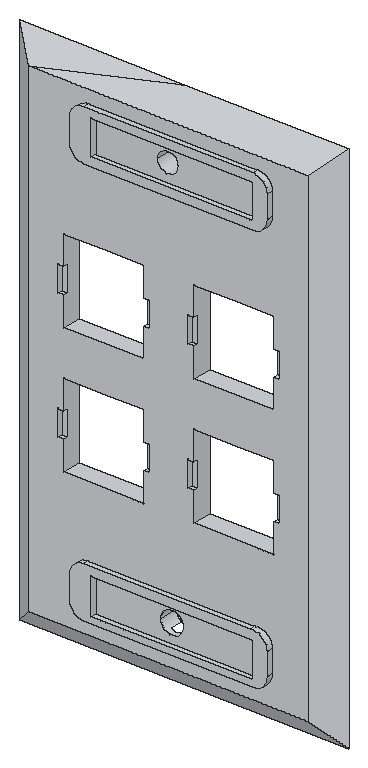
Revit family
Parameters
  Material ID = "760072207"
  Description = "STAINLESS STEEL TYPE FLUSH MOUNTED FACEPLATE WITH LABELS, 4 PORT"
Reference planes (in)
  plane 1 "Center (Front/Back)": y = 0
  plane 2: z = 0
  plane 3 "Center (Left/Right)": x = 0
Forms (in)
  Extrusion 1, solid, not visible
    sketch origin (0, -14.305, 0) x (1, 0, 0) y (0, 0, 1)
      loop
        line (-8.5516, 0.86) -> (-8.5516, 0.46) -> (-7.9516, 0.46) -> (-7.9516, 0.86) -> (-8.5516, 0.86)
    from 0 to 0.77696
  Blend 2, solid
    base sketch origin (0, 0, 0) x (1, 0, 0) y (0, 0, 1)
      loop
        line (0, 2.25) -> (-1.375, 2.25) -> (-1.375, -2.25) -> (1.375, -2.25) -> (1.375, 2.25) -> (0, 2.25)
    top sketch origin (0, 0, 0) x (1, 0, 0) y (0, 0, 1)
      loop
        line (-1.175, 2.05) -> (-1.175, -2.05) -> (1.175, -2.05) -> (1.175, 2.05) -> (-1.175, 2.05)
    from 0 to 0.16
  Extrusion 3, void
    sketch origin (0, 0, 0) x (1, 0, 0) y (0, 0, 1)
      loop
        line (-0.54584, 0.89372) -> (-0.88084, 0.89372) -> (-0.88084, 0.18572) -> (-0.21084, 0.18572) -> (-0.21084, 0.89372) -> (-0.54584, 0.89372)
      loop
        line (0.54584, 0.89372) -> (0.21084, 0.89372) -> (0.21084, 0.18572) -> (0.88084, 0.18572) -> (0.88084, 0.89372) -> (0.54584, 0.89372)
      loop
        line (-0.54584, -0.19028) -> (-0.88084, -0.19028) -> (-0.88084, -0.89828) -> (-0.21084, -0.89828) -> (-0.21084, -0.19028) -> (-0.54584, -0.19028)
      loop
        line (0.54584, -0.19028) -> (0.21084, -0.19028) -> (0.21084, -0.89828) -> (0.88084, -0.89828) -> (0.88084, -0.19028) -> (0.54584, -0.19028)
    from 0 to 12
  Extrusion 4, void
    sketch origin (0, 0, 0) x (1, 0, 0) y (0, 0, 1)
      loop
        line (-0.88084, 0.64872) -> (-0.93034, 0.64872) -> (-0.93034, 0.43072) -> (-0.88084, 0.43072) -> (-0.88084, 0.64872)
      loop
        line (-0.16134, 0.64872) -> (-0.21084, 0.64872) -> (-0.21084, 0.43072) -> (-0.16134, 0.43072) -> (-0.16134, 0.64872)
      loop
        line (0.21084, 0.64872) -> (0.16134, 0.64872) -> (0.16134, 0.43072) -> (0.21084, 0.43072) -> (0.21084, 0.64872)
      loop
        line (0.93034, 0.64872) -> (0.88084, 0.64872) -> (0.88084, 0.43072) -> (0.93034, 0.43072) -> (0.93034, 0.64872)
      loop
        line (-0.88084, -0.43528) -> (-0.93034, -0.43528) -> (-0.93034, -0.65328) -> (-0.88084, -0.65328) -> (-0.88084, -0.43528)
      loop
        line (-0.16134, -0.43528) -> (-0.21084, -0.43528) -> (-0.21084, -0.65328) -> (-0.16134, -0.65328) -> (-0.16134, -0.43528)
      loop
        line (0.21084, -0.43528) -> (0.16134, -0.43528) -> (0.16134, -0.65328) -> (0.21084, -0.65328) -> (0.21084, -0.43528)
      loop
        line (0.93034, -0.43528) -> (0.88084, -0.43528) -> (0.88084, -0.65328) -> (0.93034, -0.65328) -> (0.93034, -0.43528)
    from 0.12015 to 12
  Extrusion 5, solid
    sketch origin (0, 0, 0) x (1, 0, 0) y (0, 0, 1)
      loop
        arc (-0.67361, 1.94028) -> (-0.75645, 1.90597) -> (-0.79076, 1.82314) r 0.11715
        line (-0.79076, 1.82314) -> (-0.79076, 1.63288)
        arc (-0.79076, 1.63288) -> (-0.75561, 1.54803) -> (-0.67076, 1.51288) r 0.12
        line (-0.67076, 1.51288) -> (0.74543, 1.51288)
        arc (0.74543, 1.51288) -> (0.83028, 1.54803) -> (0.86543, 1.63288) r 0.12
        line (0.86543, 1.63288) -> (0.86543, 1.82298)
        arc (0.86543, 1.82298) -> (0.83107, 1.90593) -> (0.74812, 1.94028) r 0.1173
        line (0.74812, 1.94028) -> (-0.67361, 1.94028)
      loop
        arc (-0.67758, -1.49345) -> (-0.75799, -1.53085) -> (-0.79076, -1.61325) r 0.12
        line (-0.79076, -1.61325) -> (-0.79076, -1.80085)
        arc (-0.79076, -1.80085) -> (-0.75561, -1.8857) -> (-0.67076, -1.92085) r 0.12
        line (-0.67076, -1.92085) -> (0.74543, -1.92085)
        arc (0.74543, -1.92085) -> (0.83028, -1.8857) -> (0.86543, -1.80085) r 0.12
        line (0.86543, -1.80085) -> (0.86543, -1.61078)
        arc (0.86543, -1.61078) -> (0.82087, -1.51746) -> (0.72028, -1.49345) r 0.12
        line (0.72028, -1.49345) -> (-0.67758, -1.49345)
    from 0.16 to 0.21
  Extrusion 6, void
    sketch origin (0, 0, 0) x (1, 0, 0) y (0, 0, 1)
      loop
        line (-0.61626, 1.87578) -> (-0.61626, 1.58136) -> (0.74616, 1.58136) -> (0.74616, 1.87578) -> (-0.61626, 1.87578)
      loop
        line (-0.61626, -1.5623) -> (-0.61626, -1.86769) -> (0.74616, -1.86769) -> (0.74616, -1.5623) -> (-0.61626, -1.5623)
    from 0.16 to 12
  Extrusion 7, void
    sketch origin (0, 0, 0) x (1, 0, 0) y (0, 0, 1)
      loop
        circle (-0.00737, 1.7343) r 0.08643
      loop
        circle (0.02621, -1.71162) r 0.09717
    from 0 to 12
  Sweep 8, void
    path origin (0, 0, 0) x (1, 0, 0) y (0, 0, 1)
      loop
        line (1.24662, 2.15151) -> (-1.20912, 2.15151) -> (-1.20912, -2.06232) -> (1.24662, -2.06232) -> (1.24662, 2.15151)
    profile origin (0.01875, 0, 2.15151) x (0, 0, -1) y (0, -1, 0)
      loop
        line (0.15052, 0.10539) -> (0, 0) -> (0.26805, 0) -> (0.26805, 0.10539) -> (0.15052, 0.10539)
Cuts and joins
  Extrusion 3, Extrusion 4, Extrusion 6, Extrusion 7, Sweep 8 cuts Blend 2
  Extrusion 6, Extrusion 7 cuts Extrusion 5
